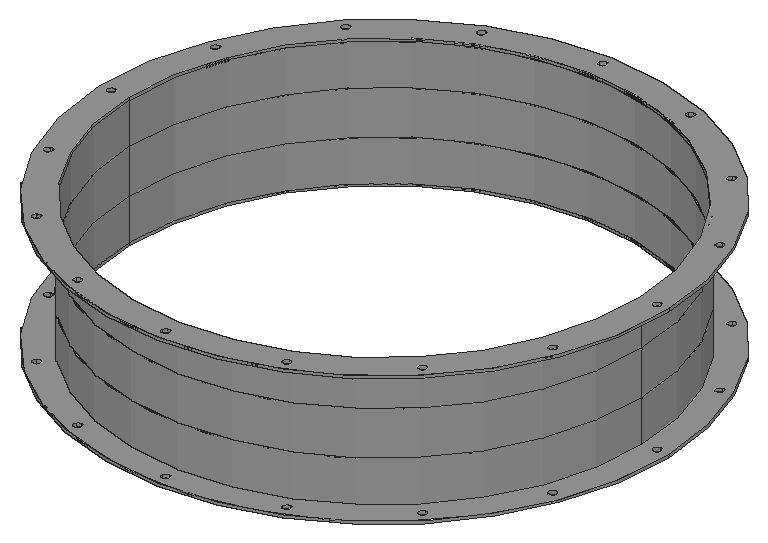
Revit family "EVAF-AF", category Арматура воздуховодов, Revit 2021
Family settings
  Размер круглого соединителя = Использовать диаметр
  Тип детали = Присоединяется
  На основе рабочей плоскости = Нет
  Всегда вертикально = Да
  При загрузке вырезать с полостями = Нет
  Общий = Нет
Parameters (values of type "EVAF-AF-1000")
  Width = L  # 260 mm
  Weight = 12.64 kg
  Load Classification = "HVAC"
  Diameter = D2  # 1115 mm
  Отметка по умолчанию = 0 mm
  Изготовитель = "BLAUBERG"  # constant formula
  t = L - 5 mm  # 255 mm
  n = 16
  l1 = L / 3  # 86.667 mm
  l = L / 2  # 130 mm
  d = 15 mm
  URL = ""
  R1 = D1 / 2  # 535 mm
  Maintenance zone material = none
  L = 260 mm
  Dy = 1000 mm
  Dn = Dy + 10 mm  # 1010 mm
  D2 = 1115 mm
  D1 = 1070 mm
  Casing Material = Metal, painted, grey, matt RAL 7040
  09_System_Name [instance] = ""
  00_20_Type = "EVAF-AF-1000"
  00_20_Name = "Flexible joint"  # constant formula
  00_20_Manufacturer = "BLAUBERG"  # constant formula
Types (12, lengths in mm): name | Weight | Diameter | n | d | R1 | Dy | Dn | D2 | D1 | 00_20_Type
  (no name) | 12.64 kg | 1115 | 16 | 15 | 535 | 1000 | 1010 | 1115 | 1070 | "EVAF-AF-1000"
  EVAF-AF-400 | 4.76 kg | 490 | 12 | 8 | 225 | 400 | 410 | 490 | 450 | "EVAF-AF-400"
  EVAF-AF-450 | 5.34 kg | 540 | 12 | 8 | 250 | 450 | 460 | 540 | 500 | "EVAF-AF-450"
  EVAF-AF-500 | 6.12 kg | 600 | 12 | 12 | 280 | 500 | 510 | 600 | 560 | "EVAF-AF-500"
  EVAF-AF-560 | 6.83 kg | 660 | 12 | 12 | 310 | 560 | 570 | 660 | 620 | "EVAF-AF-560"
  EVAF-AF-630 | 7.66 kg | 730 | 12 | 12 | 345 | 630 | 640 | 730 | 690 | "EVAF-AF-630"
  EVAF-AF-710 | 8.60 kg | 810 | 16 | 12 | 385 | 710 | 720 | 810 | 770 | "EVAF-AF-710"
  EVAF-AF-800 | 9.67 kg | 900 | 16 | 12 | 430 | 800 | 810 | 900 | 860 | "EVAF-AF-800"
  EVAF-AF-900 | 11.40 kg | 1015 | 16 | 15 | 485 | 900 | 910 | 1015 | 970 | "EVAF-AF-900"
  EVAF-AF-1000 | 12.64 kg | 1115 | 16 | 15 | 535 | 1000 | 1010 | 1115 | 1070 | "EVAF-AF-1000"
  EVAF-AF-1120 | 15.73 kg | 1270 | 20 | 15 | 595 | 1120 | 1130 | 1270 | 1190 | "EVAF-AF-1120"
  EVAF-AF-1250 | 17.52 kg | 1400 | 20 | 15 | 660 | 1250 | 1260 | 1400 | 1320 | "EVAF-AF-1250"
Reference planes
  plane 1 "По центру (Вперед/Назад)": y = 0
  plane 2: z = 0
  plane 3 "По центру (Влево/Вправо)": x = 0
  plane 4: z = 260
Forms (mm)
  Extrusion 1, solid, material "Metal, painted, grey, matt RAL 7040" <- "Casing Material"
    sketch origin (0, 0, 0) x (1, 0, 0) y (0, 1, 0)
      loop
        circle (0, 0) r 500
      loop
        circle (0, 0) r 557.5
    from 0 to 5
  Extrusion 2, void
    sketch origin (0, 313.787, 0) x (1, 0, 0) y (0, 1, 0)
      loop
        circle (0, 221.213) r 7.5
    from 0 to 5
  Extrusion 3, void
    sketch origin (120.081, 289.902, 0) x (0.92388, -0.382683, 0) y (0.382683, 0.92388, 0)
      loop
        circle (0, 221.213) r 7.5
    from 0 to 5
  Extrusion 4, void
    sketch origin (-120.081, 289.902, 0) x (0.92388, 0.382683, 0) y (-0.382683, 0.92388, 0)
      loop
        circle (0, 221.213) r 7.5
    from 0 to 5
  Extrusion 5, void
    sketch origin (-221.881, 221.881, 0) x (0.707107, 0.707107, 0) y (-0.707107, 0.707107, 0)
      loop
        circle (0, 221.213) r 7.5
    from 0 to 5
  Extrusion 6, void
    sketch origin (-289.902, 120.081, 0) x (0.382683, 0.92388, 0) y (-0.92388, 0.382683, 0)
      loop
        circle (0, 221.213) r 7.5
    from 0 to 5
  Extrusion 7, void
    sketch origin (-313.787, 0, 0) x (0, 1, 0) y (-1, 0, 0)
      loop
        circle (0, 221.213) r 7.5
    from 0 to 5
  Extrusion 8, void
    sketch origin (-289.902, -120.081, 0) x (-0.382683, 0.92388, 0) y (-0.92388, -0.382683, 0)
      loop
        circle (0, 221.213) r 7.5
    from 0 to 5
  Extrusion 9, void
    sketch origin (-221.881, -221.881, 0) x (-0.707107, 0.707107, 0) y (-0.707107, -0.707107, 0)
      loop
        circle (0, 221.213) r 7.5
    from 0 to 5
  Extrusion 10, void
    sketch origin (-120.081, -289.902, 0) x (-0.92388, 0.382683, 0) y (-0.382683, -0.92388, 0)
      loop
        circle (0, 221.213) r 7.5
    from 0 to 5
  Extrusion 11, void
    sketch origin (0, -313.787, 0) x (-1, 0, 0) y (0, -1, 0)
      loop
        circle (0, 221.213) r 7.5
    from 0 to 5
  Extrusion 12, void
    sketch origin (120.081, -289.902, 0) x (-0.92388, -0.382683, 0) y (0.382683, -0.92388, 0)
      loop
        circle (0, 221.213) r 7.5
    from 0 to 5
  Extrusion 13, void
    sketch origin (221.881, -221.881, 0) x (-0.707107, -0.707107, 0) y (0.707107, -0.707107, 0)
      loop
        circle (0, 221.213) r 7.5
    from 0 to 5
  Extrusion 14, solid, material "Metal, painted, grey, matt RAL 7040" <- "Casing Material"
    sketch origin (0, 0, 0) x (1, 0, 0) y (0, 1, 0)
      loop
        circle (0, 0) r 500
      loop
        circle (0, 0) r 557.5
    from 255 to 260
  Extrusion 15, void
    sketch origin (0, 313.053, 0) x (1, 0, 0) y (0, 1, 0)
      loop
        circle (0, 221.947) r 7.5
    from 255 <- "t" to 260 <- "L"
  Extrusion 16, void
    sketch origin (119.8, 289.224, 0) x (0.92388, -0.382683, 0) y (0.382683, 0.92388, 0)
      loop
        circle (0, 221.947) r 7.5
    from 255 <- "t" to 260 <- "L"
  Extrusion 17, void
    sketch origin (-119.8, 289.224, 0) x (0.92388, 0.382683, 0) y (-0.382683, 0.92388, 0)
      loop
        circle (0, 221.947) r 7.5
    from 255 <- "t" to 260 <- "L"
  Extrusion 18, void
    sketch origin (-221.362, 221.362, 0) x (0.707107, 0.707107, 0) y (-0.707107, 0.707107, 0)
      loop
        circle (0, 221.947) r 7.5
    from 255 <- "t" to 260 <- "L"
  Extrusion 19, void
    sketch origin (-289.224, 119.8, 0) x (0.382683, 0.92388, 0) y (-0.92388, 0.382683, 0)
      loop
        circle (0, 221.947) r 7.5
    from 255 <- "t" to 260 <- "L"
  Extrusion 20, void
    sketch origin (-313.053, 0, 0) x (0, 1, 0) y (-1, 0, 0)
      loop
        circle (0, 221.947) r 7.5
    from 255 <- "t" to 260 <- "L"
  Extrusion 21, void
    sketch origin (-289.224, -119.8, 0) x (-0.382683, 0.92388, 0) y (-0.92388, -0.382683, 0)
      loop
        circle (0, 221.947) r 7.5
    from 255 <- "t" to 260 <- "L"
  Extrusion 22, void
    sketch origin (-221.362, -221.362, 0) x (-0.707107, 0.707107, 0) y (-0.707107, -0.707107, 0)
      loop
        circle (0, 221.947) r 7.5
    from 255 <- "t" to 260 <- "L"
  Extrusion 23, void
    sketch origin (-119.8, -289.224, 0) x (-0.92388, 0.382683, 0) y (-0.382683, -0.92388, 0)
      loop
        circle (0, 221.947) r 7.5
    from 255 <- "t" to 260 <- "L"
  Extrusion 24, void
    sketch origin (0, -313.053, 0) x (-1, 0, 0) y (0, -1, 0)
      loop
        circle (0, 221.947) r 7.5
    from 255 <- "t" to 260 <- "L"
  Extrusion 25, void
    sketch origin (119.8, -289.224, 0) x (-0.92388, -0.382683, 0) y (0.382683, -0.92388, 0)
      loop
        circle (0, 221.947) r 7.5
    from 255 <- "t" to 260 <- "L"
  Extrusion 26, void
    sketch origin (221.362, -221.362, 0) x (-0.707107, -0.707107, 0) y (0.707107, -0.707107, 0)
      loop
        circle (0, 221.947) r 7.5
    from 255 <- "t" to 260 <- "L"
  Extrusion 27, solid, material "Ткань"
    sketch origin (0, 0, 0) x (1, 0, 0) y (0, 1, 0)
      loop
        circle (0, 0) r 500
      loop
        circle (0, 0) r 505
    from 5 to 86.667
  Extrusion 28, solid, material "Ткань"
    sketch origin (0, 0, 0) x (1, 0, 0) y (0, 1, 0)
      loop
        circle (0, 0) r 505
      loop
        circle (0, 0) r 500
    from 86.667 to 173.333
  Extrusion 29, solid, material "Ткань"
    sketch origin (0, 0, 0) x (1, 0, 0) y (0, 1, 0)
      loop
        circle (0, 0) r 505
      loop
        circle (0, 0) r 500
    from 255 to 173.333
  Extrusion 30, void
    sketch origin (289.902, -120.081, 0) x (-0.382683, -0.92388, 0) y (0.92388, -0.382683, 0)
      loop
        circle (0, 221.213) r 7.5
    from 0 to 5
  Extrusion 31, void
    sketch origin (313.787, 0, 0) x (0, -1, 0) y (1, 0, 0)
      loop
        circle (0, 221.213) r 7.5
    from 0 to 5
  Extrusion 32, void
    sketch origin (289.902, 120.081, 0) x (0.382683, -0.92388, 0) y (0.92388, 0.382683, 0)
      loop
        circle (0, 221.213) r 7.5
    from 0 to 5
  Extrusion 33, void
    sketch origin (221.881, 221.881, 0) x (0.707107, -0.707107, 0) y (0.707107, 0.707107, 0)
      loop
        circle (0, 221.213) r 7.5
    from 0 to 5
  Extrusion 34, void
    sketch origin (289.224, -119.8, 0) x (-0.382683, -0.92388, 0) y (0.92388, -0.382683, 0)
      loop
        circle (0, 221.947) r 7.5
    from 255 <- "t" to 260 <- "L"
  Extrusion 35, void
    sketch origin (313.053, 0, 0) x (0, -1, 0) y (1, 0, 0)
      loop
        circle (0, 221.947) r 7.5
    from 255 <- "t" to 260 <- "L"
  Extrusion 36, void
    sketch origin (289.224, 119.8, 0) x (0.382683, -0.92388, 0) y (0.92388, 0.382683, 0)
      loop
        circle (0, 221.947) r 7.5
    from 255 <- "t" to 260 <- "L"
  Extrusion 37, void
    sketch origin (221.362, 221.362, 0) x (0.707107, -0.707107, 0) y (0.707107, 0.707107, 0)
      loop
        circle (0, 221.947) r 7.5
    from 255 <- "t" to 260 <- "L"
Cuts and joins
  Extrusion 2, Extrusion 3, Extrusion 4, Extrusion 5, Extrusion 6, Extrusion 7, Extrusion 8, Extrusion 9, Extrusion 10, Extrusion 11, Extrusion 12, Extrusion 13, Extrusion 30, Extrusion 31, Extrusion 32, Extrusion 33 cuts Extrusion 1
  Extrusion 15, Extrusion 16, Extrusion 17, Extrusion 18, Extrusion 19, Extrusion 20, Extrusion 21, Extrusion 22, Extrusion 23, Extrusion 24, Extrusion 25, Extrusion 26, Extrusion 34, Extrusion 35, Extrusion 36, Extrusion 37 cuts Extrusion 14
Dimensions and locks
  "L": level to plane 4
  locked: Extrusion 1 to Extrusion 1 at 5
  locked: Extrusion 14 to Extrusion 14 at 5
  "l1": Extrusion 27 to level
  "l1": Extrusion 28 to Extrusion 28
  "l1": Extrusion 29 to plane 4
  "Dy": diameter of Extrusion 1 sketch curve
  "D2": diameter of Extrusion 1 sketch curve
  "d": diameter of Extrusion 2 sketch curve
  "d": diameter of Extrusion 3 sketch curve
  "d": diameter of Extrusion 4 sketch curve
  "d": diameter of Extrusion 5 sketch curve
  "d": diameter of Extrusion 6 sketch curve
  "d": diameter of Extrusion 7 sketch curve
  "d": diameter of Extrusion 8 sketch curve
  "d": diameter of Extrusion 9 sketch curve
  "d": diameter of Extrusion 10 sketch curve
  "d": diameter of Extrusion 11 sketch curve
  "d": diameter of Extrusion 12 sketch curve
  "d": diameter of Extrusion 13 sketch curve
  "R1": radius of radial array  (x2)
  "Dy": diameter of Extrusion 14 sketch curve
  "D2": diameter of Extrusion 14 sketch curve
  "d": diameter of Extrusion 15 sketch curve
  "d": diameter of Extrusion 16 sketch curve
  "d": diameter of Extrusion 17 sketch curve
  "d": diameter of Extrusion 18 sketch curve
  "d": diameter of Extrusion 19 sketch curve
  "d": diameter of Extrusion 20 sketch curve
  "d": diameter of Extrusion 21 sketch curve
  "d": diameter of Extrusion 22 sketch curve
  "d": diameter of Extrusion 23 sketch curve
  "d": diameter of Extrusion 24 sketch curve
  "d": diameter of Extrusion 25 sketch curve
  "d": diameter of Extrusion 26 sketch curve
  "Dy": diameter of Extrusion 27 sketch curve
  "Dn": diameter of Extrusion 27 sketch curve
  "Dn": diameter of Extrusion 28 sketch curve
  "Dy": diameter of Extrusion 28 sketch curve
  "Dy": diameter of Extrusion 29 sketch curve
  "Dn": diameter of Extrusion 29 sketch curve
  "d": diameter of Extrusion 30 sketch curve
  "d": diameter of Extrusion 31 sketch curve
  "d": diameter of Extrusion 32 sketch curve
  "d": diameter of Extrusion 33 sketch curve
  "d": diameter of Extrusion 34 sketch curve
  "d": diameter of Extrusion 35 sketch curve
  "d": diameter of Extrusion 36 sketch curve
  "d": diameter of Extrusion 37 sketch curve
  aligned and locked: level to plane 2
  aligned and locked: plane 4 to Extrusion 14
  aligned and locked: Extrusion 27 to cut or joined group 1 (Extrusion 1, Extrusion 2, Extrusion 3, Extrusion 4, Extrusion 5, Extrusion 6, Extrusion 7, Extrusion 8, Extrusion 9, Extrusion 10, Extrusion 11, Extrusion 12, Extrusion 13, Extrusion 30, Extrusion 31, Extrusion 32, Extrusion 33)
  aligned and locked: Extrusion 28 to Extrusion 27
  aligned and locked: Extrusion 29 to cut or joined group 2 (Extrusion 14, Extrusion 15, Extrusion 16, Extrusion 17, Extrusion 18, Extrusion 19, Extrusion 20, Extrusion 21, Extrusion 22, Extrusion 23, Extrusion 24, Extrusion 25, Extrusion 26, Extrusion 34, Extrusion 35, Extrusion 36, Extrusion 37)
Automatic sketch dimensions
  Extrusion 1 sketch curve to Extrusion 1 sketch curve = 0 mm  (x2)
  plane 1 "По центру (Вперед/Назад)" to Extrusion 1 sketch curve = 0 mm
  Extrusion 1 sketch curve to plane 3 "По центру (Влево/Вправо)" = 0 mm
  Extrusion 14 sketch curve to Extrusion 14 sketch curve = 0 mm  (x2)
  plane 1 "По центру (Вперед/Назад)" to Extrusion 14 sketch curve = 0 mm
  Extrusion 14 sketch curve to plane 3 "По центру (Влево/Вправо)" = 0 mm
  Extrusion 27 sketch curve to Extrusion 27 sketch curve = 0 mm  (x2)
  plane 1 "По центру (Вперед/Назад)" to Extrusion 27 sketch curve = 0 mm
  Extrusion 27 sketch curve to plane 3 "По центру (Влево/Вправо)" = 0 mm
  Extrusion 28 sketch curve to Extrusion 28 sketch curve = 0 mm  (x2)
  plane 1 "По центру (Вперед/Назад)" to Extrusion 28 sketch curve = 0 mm
  Extrusion 28 sketch curve to plane 3 "По центру (Влево/Вправо)" = 0 mm
  Extrusion 29 sketch curve to Extrusion 29 sketch curve = 0 mm  (x2)
  plane 1 "По центру (Вперед/Назад)" to Extrusion 29 sketch curve = 0 mm
  Extrusion 29 sketch curve to plane 3 "По центру (Влево/Вправо)" = 0 mm
Connectors
  hvac at (0, 0, 260), driven by "Dy"
    settings: on cut or joined group 2, index 1, duct flow 0.0 L/s, flow factor 0, pres drop 0.0 Pa, loss coef 0, conn angle 0.00°, conn width 304.8 mm, conn height 304.8 mm, conn diameter 1000 mm, duct sys type 3, conn prof type 0, flow config 0, flow direction 0, loss method 0, conn ref index -1, conn util no, is conn primary yes, conn desc ""
  hvac at (0, 0, 0), driven by "Dy"
    settings: on cut or joined group 1, index 2, duct flow 0.0 L/s, flow factor 0, pres drop 0.0 Pa, loss coef 0, conn angle 0.00°, conn width 304.8 mm, conn height 304.8 mm, conn diameter 1000 mm, duct sys type 3, conn prof type 0, flow config 0, flow direction 0, loss method 0, conn ref index -1, conn util no, is conn primary no, conn desc ""
